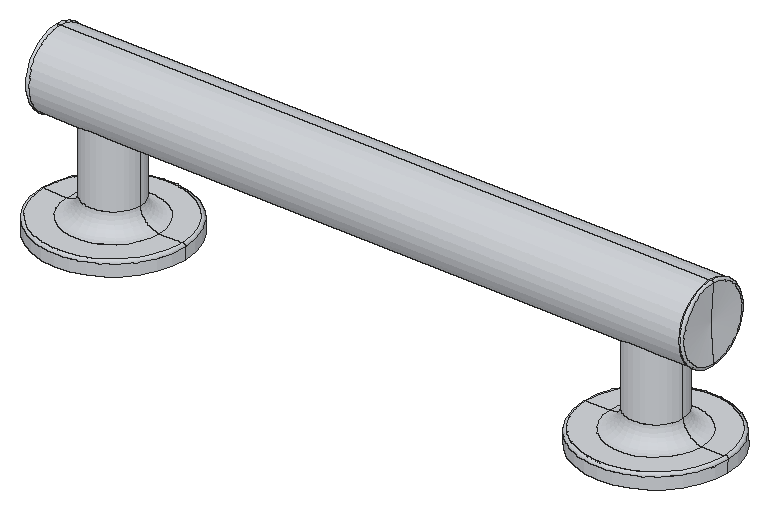
Revit family "Accessory-Grab_Bars-KOHLER-Purist-K-11890", category Specialty Equipment, host Face, Revit 2015
Parameters (values of type "S-Polished Stainless")
  Width = 2 7/16"  # constant formula
  URL = "https://www.us.kohler.com/us/"
  Type = 1
  Product Page URL = "http://www.us.kohler.com/us/catalog/productDetails.jsp?productNumber=11890"
  Product Name = "Purist"  # constant formula
  Product Documentation Link = "http://www.us.kohler.com/onlinecatalog/pdf/K-11890_spec.pdf"
  Model = if(Type = 1, "K-11890-S", if(Type = 2, "K-11890-SN", if(Type = 3, "K-11890-BN", if(Type = 4, "K-11890-BS", if(Type = 5, "K-11890-BV", if(Type = 6, "K-11890-TT", "NA"))))))  # "K-11890-S"
  Material = "Premium Metal Construction"  # constant formula
  MasterFormat 2004 = "10.28.13"  # constant formula
  MasterFormat 1995 = "10820"  # constant formula
  Manufacturer Address = "444 Highland Dr, Kohler, WI 53044"  # constant formula
  Manufacturer = "KOHLER Co."  # constant formula
  Length = 11 103/256"  # constant formula
  Height = 2 3/4"  # constant formula
  Finish = Kohler-Metal-S-Polished_Stainless
  Environmental Product Declaration = ""
  Description = "9 inch grab bar"  # constant formula
  Default Elevation = 42"
  Declare Label = ""
  Date Modified = "1/31/2018"  # constant formula
  Date Created = "1/31/2018"  # constant formula
  Copyright = "Copyright KOHLER Co."  # constant formula
  Contact Us = "https://www.us.kohler.com/us/static/contact.jsp"
  Assembly Code = "C1030200"
  ADA Compliant = yes
Types (6): name | Type | Model | Finish
  (no name) | 1 | "K-11890-S" | Kohler-Metal-S-Polished_Stainless
  S-Polished Stainless | 1 | "K-11890-S" | Kohler-Metal-S-Polished_Stainless
  BN-Vibrant Brushed Nickel | 3 | "K-11890-BN" | Kohler-Metal-BN-Vibrant_Brushed_Nickel
  BS-Brushed Stainless | 4 | "K-11890-BS" | Kohler-Metal-BS-Brushed_Stainless
  BV-Vibrant Brushed Bronze | 5 | "K-11890-BV" | Kohler-Metal-BV-Brushed_Bronze
  TT-Vibrant Titanium | 6 | "K-11890-TT" | Kohler-Metal-TT-Vibrant_Titanium
Reference planes (in)
  plane 1 "Center (Front/Back)": y = 0
  plane 2: z = 0
  plane 3 "Center (Left/Right)": x = 0
  plane 4: y = -1.21641
  plane 5: y = 1.22109
  plane 6: x = -5.70079
  plane 7: z = 2.75
  plane 8: x = 5.70156
Dimensions and locks (in)
  "Width": plane 4 to plane 5
  "Height": plane 7 to level
  "Length": plane 6 to plane 8
  aligned and locked: plane 2 to host face
  aligned and locked: level to host face
Automatic sketch dimensions
  host sketch curve to host sketch curve = 96"  (x2)
Nested families (in)
  nested 1: "K-11890" at (0, 0, 0), type "K-11890"
Definition of nested family "K-11890"
  Parameters (values of type "K-11890")
    Material = none
    Half Length2 = Half Length + 29/32"  # 5 13/32"
    Half Length = 4 1/2"
  Reference planes (in)
    plane 1 "Center (Front/Back)": y = 0
    plane 2: z = 0
    plane 3 "Center (Left/Right)": x = 0
  Forms (in)
    Revolve 1, solid, material <- "Material"
      sketch origin (0, 0, 0) x (1, 0, 0) y (0, 0, 1)
        loop
          line (-4.5, 0) -> (-4.5, 1.70188) -> (-4.95669, 1.70188) -> (-4.95669, 0.54668)
          arc (-4.95669, 0.54668) -> (-5.04762, 0.32715) -> (-5.26715, 0.23622) r 0.31046
          line (-5.26715, 0.23622) -> (-5.6536, 0.23622)
          arc (-5.6536, 0.23622) -> (-5.68697, 0.2224) -> (-5.70079, 0.18903) r 0.04719
          line (-5.70079, 0.18903) -> (-5.70079, 0) -> (-4.5, 0)
        axis (-4.5, 1.70188) -> (-4.5, 0)
      angle from 0 to 360
    Revolve 2, solid, material <- "Material"
      sketch origin (0, 0, 0) x (-1, 0, 0) y (0, 0, 1)
        loop
          line (-4.5, 0) -> (-4.5, 1.70188) -> (-4.95669, 1.70188) -> (-4.95669, 0.54668)
          arc (-4.95669, 0.54668) -> (-5.04762, 0.32715) -> (-5.26715, 0.23622) r 0.31046
          line (-5.26715, 0.23622) -> (-5.6536, 0.23622)
          arc (-5.6536, 0.23622) -> (-5.68697, 0.2224) -> (-5.70079, 0.18903) r 0.04719
          line (-5.70079, 0.18903) -> (-5.70079, 0) -> (-4.5, 0)
        axis (-4.5, 1.70188) -> (-4.5, 0)
      angle from 0 to 360
    Revolve 3, solid, material <- "Material"
      sketch origin (0, 0, 0.05664) x (1, 0, 0) y (0, 0, 1)
        loop
          line (-5.38912, 2.69291) -> (-5.38912, 2.66186)
          arc (-5.38912, 2.66186) -> (-5.41972, 2.697) -> (-5.45175, 2.66316) r 0.03147
          arc (-5.45175, 2.66316) -> (-5.41764, 2.36394) -> (-5.40625, 2.06299) r 3.98071
          line (-5.40625, 2.06299) -> (5.40625, 2.06299)
          arc (5.40625, 2.06299) -> (5.41764, 2.36394) -> (5.45175, 2.66316) r 3.98071
          arc (5.45175, 2.66316) -> (5.41972, 2.697) -> (5.38912, 2.66186) r 0.03147
          line (5.38912, 2.66186) -> (5.38912, 2.69291) -> (-5.38912, 2.69291)
        axis (5.45175, 2.06299) -> (-5.45175, 2.06299)
      angle from 0 to 360
  Cuts and joins
    joined: Revolve 1, Revolve 2, Revolve 3
  Lines and regions (in)
    Masking region 1
      outline origin (0, 0, 0) x (0, 1, 0) y (0, 0, 1)
        loop
          line (-1.20079, 0) -> (1.20079, 0) -> (1.20079, 0.19081)
          arc (1.20079, 0.19081) -> (1.18749, 0.22292) -> (1.15538, 0.23622) r 0.04541
          line (1.15538, 0.23622) -> (0.76814, 0.23622)
          arc (0.76814, 0.23622) -> (0.54816, 0.32734) -> (0.45704, 0.54732) r 0.3111
          line (0.45704, 0.54732) -> (0.45704, 1.67888)
          arc (0.45704, 1.67888) -> (0, 2.75457) -> (-0.45704, 1.67888) r 0.63494
          line (-0.45704, 1.67888) -> (-0.45704, 0.54732)
          arc (-0.45704, 0.54732) -> (-0.54816, 0.32734) -> (-0.76814, 0.23622) r 0.3111
          line (-0.76814, 0.23622) -> (-1.15538, 0.23622)
          arc (-1.15538, 0.23622) -> (-1.18749, 0.22292) -> (-1.20079, 0.19081) r 0.04541
          line (-1.20079, 0.19081) -> (-1.20079, 0)
    Masking region 2
      outline origin (0, 0, 0) x (1, 0, 0) y (0, 0, 1)
        loop
          line (-5.70079, 0) -> (-3.29921, 0) -> (-3.29921, 0.1905)
          arc (-3.29921, 0.1905) -> (-3.31264, 0.22291) -> (-3.34504, 0.23633) r 0.04583
          line (-3.34504, 0.23633) -> (-3.73253, 0.23633)
          arc (-3.73253, 0.23633) -> (-3.95228, 0.32736) -> (-4.04331, 0.54711) r 0.31078
          line (-4.04331, 0.54711) -> (-4.04331, 1.48971) -> (4.04331, 1.48971) -> (4.04331, 0.54711)
          arc (4.04331, 0.54711) -> (3.95228, 0.32736) -> (3.73253, 0.23633) r 0.31078
          line (3.73253, 0.23633) -> (3.34504, 0.23633)
          arc (3.34504, 0.23633) -> (3.31264, 0.22291) -> (3.29921, 0.1905) r 0.04583
          line (3.29921, 0.1905) -> (3.29921, 0) -> (5.70079, 0) -> (5.70079, 0.1905)
          arc (5.70079, 0.1905) -> (5.68736, 0.22291) -> (5.65496, 0.23633) r 0.04583
          line (5.65496, 0.23633) -> (5.26747, 0.23633)
          arc (5.26747, 0.23633) -> (5.04772, 0.32736) -> (4.95669, 0.54711) r 0.31078
          line (4.95669, 0.54711) -> (4.95669, 1.48971) -> (5.38912, 1.48971) -> (5.38912, 1.52213)
          arc (5.38912, 1.52213) -> (5.41916, 1.49078) -> (5.45175, 1.51946) r 0.03137
          line (5.45175, 1.51946) -> (5.45175, 2.7198)
          arc (5.45175, 2.7198) -> (5.41916, 2.74848) -> (5.38912, 2.71714) r 0.03137
          line (5.38912, 2.71714) -> (5.38912, 2.74955) -> (-5.38912, 2.74955) -> (-5.38912, 2.71714)
          arc (-5.38912, 2.71714) -> (-5.41916, 2.74848) -> (-5.45175, 2.7198) r 0.03137
          line (-5.45175, 2.7198) -> (-5.45175, 1.51946)
          arc (-5.45175, 1.51946) -> (-5.41916, 1.49078) -> (-5.38912, 1.52213) r 0.03137
          line (-5.38912, 1.52213) -> (-5.38912, 1.48971) -> (-4.95669, 1.48971) -> (-4.95669, 0.54711)
          arc (-4.95669, 0.54711) -> (-5.04772, 0.32736) -> (-5.26747, 0.23633) r 0.31078
          line (-5.26747, 0.23633) -> (-5.65496, 0.23633)
          arc (-5.65496, 0.23633) -> (-5.68736, 0.22291) -> (-5.70079, 0.1905) r 0.04583
          line (-5.70079, 0.1905) -> (-5.70079, 0)
    Masking region 3
      outline origin (0, 0, 0) x (1, 0, 0) y (0, 1, 0)
        loop
          line (-3.4777, -0.62992) -> (3.4777, -0.62992)
          arc (3.4777, -0.62992) -> (5.70079, 0) -> (3.4777, 0.62992) r 1.20079
          line (3.4777, 0.62992) -> (-3.4777, 0.62992)
          arc (-3.4777, 0.62992) -> (-5.70079, 0) -> (-3.4777, -0.62992) r 1.20079
    symbolic lines, detail levels medium+fine
      curve 1: line (0, 0.76814, 0.23622) -> (0, -0.76814, 0.23622)
      curve 2: arc (0, 0.45704, 1.67888) -> (0, 0, 1.48786) -> (0, -0.45704, 1.67888) r 0.64227
      curve 3: line (-4.04331, 0, 1.48971) -> (-4.95669, 0, 1.48971)
      curve 4: line (-5.38912, 0, 2.74955) -> (-5.38912, 0, 1.48971)
      curve 5: line (5.38912, 0, 2.74955) -> (5.38912, 0, 1.48971)
      curve 6: line (4.04331, 0, 1.48971) -> (4.95669, 0, 1.48971)
      curve 7: line (-5.26747, 0, 0.23633) -> (-3.73253, 0, 0.23633)
      curve 8: line (3.73253, 0, 0.23633) -> (5.26747, 0, 0.23633)
      curve 9: line (-5.38912, 0.62992, 0) -> (-5.38912, -0.62992, 0)
      curve 10: line (5.38912, 0.62992, 0) -> (5.38912, -0.62992, 0)
      curve 11: line (5.38912, 0.62992, 0) -> (3.4777, 0.62992, 0)
      curve 12: line (-5.38912, 0.62992, 0) -> (-3.4777, 0.62992, 0)
      curve 13: line (-5.45175, 0.60017, 0) -> (-5.45175, -0.60017, 0)
      curve 14: arc (-5.38912, 0.60017, 0) -> (-5.42044, 0.63148, 0) -> (-5.45175, 0.60017, 0) r 0.03131
      curve 15: arc (-5.45175, -0.60017, 0) -> (-5.41977, -0.63149, 0) -> (-5.38912, -0.59887, 0) r 0.03133
      curve 16: line (-5.38912, -0.62992, 0) -> (-3.4777, -0.62992, 0)
      curve 17: line (5.45175, 0.60017, 0) -> (5.45175, -0.60017, 0)
      curve 18: arc (5.38912, 0.60017, 0) -> (5.42044, 0.63148, 0) -> (5.45175, 0.60017, 0) r 0.03131
      curve 19: arc (5.45175, -0.60017, 0) -> (5.41977, -0.63149, 0) -> (5.38912, -0.59887, 0) r 0.03133
      curve 20: line (5.38912, -0.62992, 0) -> (3.4777, -0.62992, 0)
  Dimensions and locks (in)
    "Half Length": Revolve 1 sketch curve to plane 3 "Center (Left/Right)"
    "Half Length": plane 3 "Center (Left/Right)" to Revolve 2 sketch curve
    "Half Length2": plane 3 "Center (Left/Right)" to Revolve 3 sketch curve
    equal spacing: Revolve 3 sketch curve, plane 3 "Center (Left/Right)", Revolve 3 sketch curve
    aligned and locked: plane 2 to level
    aligned and locked: Masking region 2 sketch curve to cut or joined group of Revolve 1, Revolve 2, Revolve 3  (x7)
    aligned and locked: curve 4 to cut or joined group of Revolve 1, Revolve 2, Revolve 3
    aligned and locked: curve 5 to cut or joined group of Revolve 1, Revolve 2, Revolve 3
    aligned and locked: curve 7 to Masking region 2  (x2)
    aligned and locked: curve 8 to Masking region 2  (x2)
    aligned and locked: Masking region 3 sketch curve to cut or joined group of Revolve 1, Revolve 2, Revolve 3  (x2)
    aligned and locked: curve 9 to cut or joined group of Revolve 1, Revolve 2, Revolve 3
    aligned and locked: curve 10 to cut or joined group of Revolve 1, Revolve 2, Revolve 3
    aligned and locked: curve 11 to Masking region 3
    aligned and locked: curve 12 to Masking region 3
    aligned and locked: curve 13 to cut or joined group of Revolve 1, Revolve 2, Revolve 3
  Automatic sketch dimensions
    Revolve 2 sketch curve to level = 0"  (x2)
    Revolve 2 sketch curve to Revolve 2 sketch curve = 0.04719"
    Revolve 2 sketch curve to Revolve 2 sketch curve = 0.38645"
    Revolve 2 sketch curve to Revolve 2 sketch curve = 0.31046"
    Revolve 2 sketch curve to Revolve 2 sketch curve = 0.45669"
    Revolve 2 sketch curve to Revolve 2 sketch curve = 0.18903"
    Revolve 2 sketch curve to Revolve 2 sketch curve = 1.1552"
    Revolve 2 sketch curve to Revolve 2 sketch curve = 0"
    level to Revolve 2 sketch curve = 0.66718"
    Revolve 1 sketch curve to level = 0"  (x2)
    Revolve 1 sketch curve to Revolve 1 sketch curve = 0.45669"
    level to Revolve 1 sketch curve = 0.23622"
    Revolve 1 sketch curve to Revolve 1 sketch curve = 0.31046"
    Revolve 1 sketch curve to Revolve 1 sketch curve = 0.38645"
    Revolve 1 sketch curve to Revolve 1 sketch curve = 0.04719"
    Revolve 1 sketch curve to Revolve 1 sketch curve = 1.1552"
    Revolve 1 sketch curve to Revolve 1 sketch curve = 0"
    Revolve 1 sketch curve to level = 0.66718"
    level to Revolve 3 sketch curve = 2.11963"
    level to Revolve 3 sketch curve = 2.72218"
    Revolve 3 sketch curve to Revolve 3 sketch curve = 3.96659"
    Revolve 3 sketch curve to Revolve 3 sketch curve = 0.01413"
    Revolve 3 sketch curve to Revolve 3 sketch curve = 1/32"  (x2)
    level to Revolve 3 sketch curve = 2.74955"
    Revolve 3 sketch curve to Revolve 3 sketch curve = 0.01713"
    Revolve 3 sketch curve to Revolve 3 sketch curve = 3.98071"
    Revolve 3 sketch curve to Revolve 3 sketch curve = 0.03106"  (x2)
    Revolve 3 sketch curve to Revolve 3 sketch curve = 0.00368"
    Revolve 3 sketch curve to Revolve 3 sketch curve = 1.92908"
    Revolve 3 sketch curve to Revolve 3 sketch curve = 0"  (x2)
    Masking region 1 sketch curve to level = 0"
    plane 1 "Center (Front/Back)" to Masking region 1 sketch curve = 117/256"
    Masking region 1 sketch curve to Masking region 1 sketch curve = 0.3111"  (x2)
    Masking region 1 sketch curve to Masking region 1 sketch curve = 0.38725"  (x2)
    Masking region 1 sketch curve to Masking region 1 sketch curve = 0.04541"  (x2)
    level to Masking region 1 sketch curve = 0.23622"
    Masking region 1 sketch curve to Masking region 1 sketch curve = 0.19081"
    Masking region 1 sketch curve to Masking region 1 sketch curve = 1.13156"
    Masking region 1 sketch curve to Masking region 1 sketch curve = 0"
    Masking region 1 sketch curve to Masking region 1 sketch curve = 0.44075"
    Masking region 1 sketch curve to plane 1 "Center (Front/Back)" = 0"
    curve 2 to plane 1 "Center (Front/Back)" = 0"
    level to curve 2 = 2.13013"
    plane 1 "Center (Front/Back)" to curve 2 = 117/256"
    level to curve 1 = 0.23622"
    plane 1 "Center (Front/Back)" to curve 1 = 0.76814"
    curve 1 to plane 1 "Center (Front/Back)" = 0.76814"
    curve 2 to plane 1 "Center (Front/Back)" = 117/256"
    curve 2 to curve 2 = 0.45125"
    Masking region 2 sketch curve to Masking region 2 sketch curve = 0.04583"  (x4)
    Masking region 2 sketch curve to Masking region 2 sketch curve = 1/32"  (x3)
    Masking region 2 sketch curve to Masking region 2 sketch curve = 0.03137"  (x4)
    level to Masking region 2 sketch curve = 0.23633"  (x2)
    Masking region 2 sketch curve to Masking region 2 sketch curve = 0.38749"  (x4)
    Masking region 2 sketch curve to Masking region 2 sketch curve = 0.91339"
    Masking region 2 sketch curve to Masking region 2 sketch curve = 0.31078"  (x2)
    Masking region 2 sketch curve to Masking region 2 sketch curve = 0.74409"
    Masking region 2 sketch curve to Masking region 2 sketch curve = 0.43243"
    Masking region 2 sketch curve to Masking region 2 sketch curve = 0"
    level to Masking region 2 sketch curve = 0.1905"  (x2)
    Masking region 2 sketch curve to Masking region 2 sketch curve = 0.9426"  (x3)
    Masking region 2 sketch curve to Masking region 2 sketch curve = 0.02975"  (x2)
    Masking region 2 sketch curve to Masking region 2 sketch curve = 1.19501"  (x2)
    Masking region 2 sketch curve to Masking region 2 sketch curve = 0.03242"
    curve 4 to curve 3 = 0.43243"
    curve 3 to curve 3 = 0.91339"
    curve 3 to curve 7 = 0.31078"
    curve 8 to curve 6 = 0.31078"
    curve 6 to curve 5 = 0.43243"
    curve 8 to curve 5 = 0.12165"
    curve 8 to curve 5 = 1.25338"
    curve 8 to curve 6 = 1.25338"
    curve 7 to curve 3 = 1.25338"
    curve 4 to curve 3 = 0"
    curve 4 to curve 4 = 1.25984"
    curve 5 to curve 5 = 1.25984"
    Masking region 3 sketch curve to plane 1 "Center (Front/Back)" = 0.62992"
    plane 1 "Center (Front/Back)" to Masking region 3 sketch curve = 0.62992"
    curve 15 to curve 15 = 0.0313"
    curve 10 to curve 19 = 0.0313"
    curve 18 to curve 18 = 0.03131"
    curve 18 to curve 10 = 0.02975"
    curve 13 to curve 9 = 0.02975"
    plane 1 "Center (Front/Back)" to curve 15 = 0.60017"
    plane 1 "Center (Front/Back)" to curve 17 = 0.60017"
    curve 16 to curve 15 = 0.03106"
    curve 9 to curve 16 = 1.91142"
    curve 12 to curve 16 = 0"
    plane 1 "Center (Front/Back)" to curve 20 = 0.62992"
    curve 20 to curve 10 = 1.91142"
    curve 11 to curve 20 = 0"
